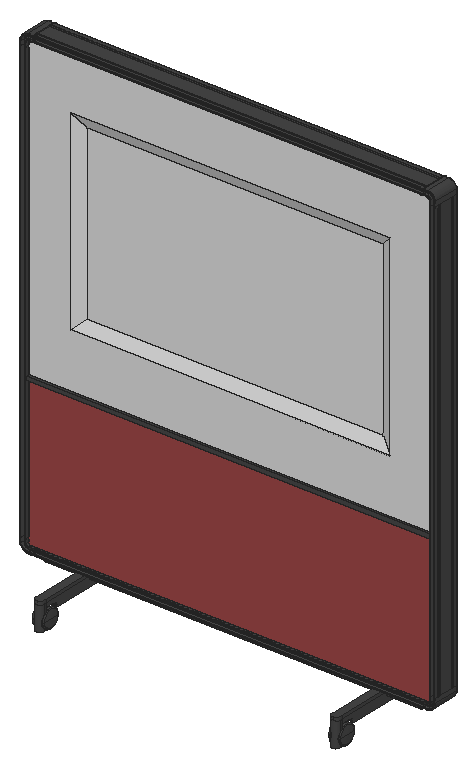
Revit family "DBLTD_TheSenatorGroup_PrvcyScrn_AdaptWall_Media_US_v2", category Furniture, Revit 2020
Family settings
  OmniClass Number = 23.40.20.00
  OmniClass Title = General Furniture and Specialties
  Work Plane-Based = No
  Always vertical = Yes
  Cut with Voids When Loaded = No
  Shared = Yes
  Room Calculation Point = No
Parameters (values of type "Media Unit Fabric Upper Panels, MFC Lower Panels 65" Wide")
  WarrantyStartDate [instance] = "1900-12-31T23:59:59"
  WarrantyGuarantorParts = "n/a"
  WarrantyGuarantorLabor = "n/a"
  WarrantyDurationUnit = "Years"
  WarrantyDurationParts = "n/a"
  WarrantyDurationLabor = "n/a"
  WarrantyDescription = "Senator warrants that its manufactured products are free from manufacturing defects - in materials or workmanship - for a period of ten (10) years on Senator Seating ranges; and fifteen (15) years on Senator Desking ranges"
  Version = "1"  # constant formula
  Uniclass2015Version = "Products v1.9"
  Uniclass2015Title = "Privacy screens"
  Uniclass2015Code = "Pr_40_30_20_65"
  URL = "https://www.thesenatorgroup.com/"
  Type Comments = ModelReference  # "Media Unit Fabric Upper Panels, MFC Lower Panels 65\" Wide"
  TagNumber [instance] = "n/a"
  SustainabilityPerformance = "n/a"
  Style = "n/a"
  Status [instance] = "New"
  Size = "L 20.87\" x  W 64.96\" x  H 77.36\""
  Shape = "Rectangular"
  SerialNumber [instance] = "n/a"
  ScreenType = DBLTD_TheSenatorGroup_OffcStrg_AdaptWall_ScreenMedia : Fabric with MFC
  ScreenPanelMaterial = TheSenatorGroup_Drywipe_White
  ScreenMaterial [instance] = TheSenatorGroup_Fabric_Grey
  Revision = "n/a"
  ReplacementCost = "0"
  Reference = "n/a"
  ProductInformation = "https://www.thesenatorgroup.com/"
  PanelMaterial [instance] = TheSenatorGroup_Wood_StrataOak
  NominalWidth = 1650 mm
  NominalLength = NominalWidth  # 1650 mm
  NominalHeight = 1965 mm
  NominalDepth = 530 mm
  Name = "PrivacyScreens_AdaptWall_Media_TheSenatorGroup"
  NBSReference = "45-35-25/320"
  NBSDescription = "Freestanding Screens"
  NBSCertification = ""
  ModelReference = "Media Unit Fabric Upper Panels, MFC Lower Panels 65\" Wide"
  ModelNumber = "AW7865MFM"
  Model = ModelNumber  # "AW7865MFM"
  Material = "MFC, Fabric"
  ManufacturerURL = "https://www.thesenatorgroup.com/"
  ManufacturerName = "The Senator Group"
  Manufacturer = "The Senator Group"
  MainColor = "n/a"
  Keynote = "Pr_40_30_20_65"
  IsBuiltIn = no
  IntegralAccessories = "n/a"
  InstallationDate [instance] = "1900-12-31T23:59:59"
  IfcExportType = "Screen"  # constant formula
  IfcExportAs = "IfcFurnitureTypeEnum"  # constant formula
  Grade = "n/a"
  FramesColour = "Black, White"
  FrameMaterial [instance] = TheSenatorGroup_Metal_Black
  Finish = "Frame available in Black or White. Fabric Camirs Blazer Range. MFC Storage available in Black, White or Strata Oak."
  Features = "Media Unit Screen"
  ExpectedLife = "n/a"
  DurationUnit = "Years"
  DimensionsPlanSize = "64.96 x 20.87"
  DimensionsHeight = "77.36"
  Description = ModelReference  # "Media Unit Fabric Upper Panels, MFC Lower Panels 65\" Wide"
  Default Elevation = 0 mm
  Cost = 0
  Constituents = "n/a"
  Color = "n/a"
  CodePerformance = "n/a"
  Category = "Pr_40_30_20_65:Privacy screens"
  BarCode [instance] = "n/a"
  Author = "Diane Butterworth Ltd"  # constant formula
  AssetType = "Movable"
  AssetIdentifier [instance] = "n/a"
  Assembly Code = "E2020200"
  AccessibilityPerformance = "n/a"
Reference planes
  plane 1 "Center (Front/Back)": y = 0
  plane 2: z = 0
  plane 3 "Center (Left/Right)": x = 0
  plane 4: z = 1965
  plane 5: x = 825
  plane 6: x = -825
Dimensions and locks
  "NominalHeight": plane 4 to plane 2
  equal spacing: plane 6, plane 3 "Center (Left/Right)", plane 5
  "NominalWidth": plane 6 to plane 5
  aligned and locked: level to plane 2
  aligned and locked: plane 3 "Center (Left/Right)" to nested 1
Nested families
  nested 1: "DBLTD_TheSenatorGroup_OffcStrg_AdaptWall_Frame" at (0, 229, 0), FrameWidth <- "NominalWidth", FrameMaterial <- "FrameMaterial", type "Frame with Castors"
    with FrameWidth 1650 mm, FrameMaterial TheSenatorGroup_Metal_Black
  nested 2: "DBLTD_TheSenatorGroup_OffcStrg_AdaptWall_ScreenMedia" at (0, 229, 0), FrameMaterial <- "FrameMaterial", PanelMaterial <- "PanelMaterial", ScreenMaterial <- "ScreenMaterial", type <- "ScreenType", FrameWidth <- "NominalWidth", type "Fabric with MFC"
    with ScreenMaterial TheSenatorGroup_Fabric_Grey, PanelMaterial TheSenatorGroup_Wood_StrataOak, FrameWidth 1650 mm, FrameMaterial TheSenatorGroup_Metal_Black
Definition of nested family "DBLTD_TheSenatorGroup_OffcStrg_AdaptWall_Frame"
  Parameters (values of type "Frame with Castors")
    URL = ""
    Type Comments = ""
    Model = ""
    Manufacturer = ""
    Keynote = ""
    FrameWidth [instance] = 1250 mm
    FrameMaterial [instance] = none
    Description = ""
    Default Elevation = 0 mm
    Cost = 0
  Reference planes
    plane 1: z = 0
    plane 2 "Center (Left/Right)": x = 0
    plane 3: y = -229
    plane 4: x = -576.25
    plane 5: x = 576.25
    plane 6: x = -625
    plane 7: x = 625
    plane 8: x = -401.881
    plane 9: x = -376.119
    plane 10: x = 401.881
    plane 11: x = 376.119
  Forms (mm)
    Extrusion 1, solid, material <- "FrameMaterial"
      sketch origin (0, 0, 0) x (1, 0, 0) y (0, 0, 1)
        loop
          line (-536.332, 87.142) -> (536.284, 87.142)
          arc (536.284, 87.142) -> (544.073, 88.158) -> (551.332, 91.161) r 30
          line (551.332, 91.161) -> (594.6, 116.142) -> (-594.6, 116.142) -> (-551.332, 91.161)
          arc (-551.332, 91.161) -> (-544.097, 88.164) -> (-536.332, 87.142) r 30
      from 198.323 to 259.677
    Extrusion 2, void
      sketch origin (0, 0, 0) x (0, 1, 0) y (0, 0, 1)
        loop
          line (-206.193, 115.454) -> (-207.677, 87.142) -> (-198.323, 87.142) -> (-198.323, 116.142) -> (-206.193, 115.454)
        loop
          line (-251.807, 115.454) -> (-259.677, 116.142) -> (-259.677, 87.142) -> (-250.323, 87.142) -> (-251.807, 115.454)
      from -802.4 to 802.4
    Extrusion 3, solid, material <- "FrameMaterial"
      sketch origin (0, 0, 75) x (-1, 0, 0) y (0, -1, 0)
        loop
          arc (405.5, 471.871) -> (389, 495.177) -> (372.5, 471.871) r 17.494
          line (372.5, 471.871) -> (372.5, -13.871)
          arc (372.5, -13.871) -> (389, -37.177) -> (405.5, -13.871) r 17.494
          line (405.5, -13.871) -> (405.5, 471.871)
      from 24.957 to 35.858
    Extrusion 4, solid, material <- "FrameMaterial"
      sketch origin (0, 0, 75) x (-1, 0, 0) y (0, -1, 0)
        loop
          circle (389, 477.683) r 17.494
      from -73 to 24.957
    Extrusion 5, solid, material <- "FrameMaterial"
      sketch origin (0, -458, 75) x (-1, 0, 0) y (0, -1, 0)
        loop
          circle (389, -477.683) r 17.494
      from -73 to 24.957
    Revolve 6, solid, material <- "FrameMaterial"
      sketch origin (0, 0, 37.5) x (-1, 0, 0) y (0, -1, 0)
        loop
          line (376.119, 489.895) -> (368.353, 489.895) -> (365.897, 485.641)
          arc (365.897, 485.641) -> (364.038, 469.064) -> (363.417, 452.395) r 224.102
          line (363.417, 452.395) -> (414.583, 452.395)
          arc (414.583, 452.395) -> (413.963, 469.064) -> (412.104, 485.641) r 224.102
          line (412.104, 485.641) -> (409.648, 489.895) -> (401.881, 489.895) -> (401.881, 462.895) -> (376.119, 462.895) -> (376.119, 489.895)
        axis (414.583, 452.395) -> (363.417, 452.395)
      angle from 0 to 360
    Extrusion 7, solid, material <- "FrameMaterial"
      sketch origin (0, 0, 0) x (0, 1, 0) y (0, 0, 1)
        loop
          line (-271.631, 1948.544) -> (-281.608, 1945.904)
          arc (-281.608, 1945.904) -> (-282.412, 1945.369) -> (-282.724, 1944.454) r 1.5
          line (-282.724, 1944.454) -> (-282.724, 1943.31)
          arc (-282.724, 1943.31) -> (-282.431, 1942.603) -> (-281.724, 1942.31) r 1
          line (-281.724, 1942.31) -> (-266.634, 1942.31)
          arc (-266.634, 1942.31) -> (-265.589, 1942.365) -> (-264.555, 1942.529) r 10
          line (-264.555, 1942.529) -> (-259.755, 1943.549)
          arc (-259.755, 1943.549) -> (-258.721, 1943.713) -> (-257.676, 1943.767) r 10
          line (-257.676, 1943.767) -> (-200.324, 1943.767)
          arc (-200.324, 1943.767) -> (-199.279, 1943.713) -> (-198.245, 1943.549) r 10
          line (-198.245, 1943.549) -> (-193.445, 1942.529)
          arc (-193.445, 1942.529) -> (-192.411, 1942.365) -> (-191.366, 1942.31) r 10
          line (-191.366, 1942.31) -> (-176.276, 1942.31)
          arc (-176.276, 1942.31) -> (-175.569, 1942.603) -> (-175.276, 1943.31) r 1
          line (-175.276, 1943.31) -> (-175.276, 1944.454)
          arc (-175.276, 1944.454) -> (-175.588, 1945.369) -> (-176.392, 1945.904) r 1.5
          line (-176.392, 1945.904) -> (-186.369, 1948.544)
          arc (-186.369, 1948.544) -> (-187.442, 1949.258) -> (-187.857, 1950.478) r 2
          line (-187.857, 1950.478) -> (-187.857, 1956.743)
          arc (-187.857, 1956.743) -> (-187.442, 1957.963) -> (-186.369, 1958.676) r 2
          line (-186.369, 1958.676) -> (-176.392, 1961.317)
          arc (-176.392, 1961.317) -> (-175.588, 1961.852) -> (-175.276, 1962.767) r 1.5
          line (-175.276, 1962.767) -> (-175.276, 1963.91)
          arc (-175.276, 1963.91) -> (-175.569, 1964.617) -> (-176.276, 1964.91) r 1
          line (-176.276, 1964.91) -> (-191.366, 1964.91)
          arc (-191.366, 1964.91) -> (-192.411, 1964.855) -> (-193.445, 1964.692) r 10
          line (-193.445, 1964.692) -> (-198.245, 1963.671)
          arc (-198.245, 1963.671) -> (-199.279, 1963.508) -> (-200.324, 1963.453) r 10
          line (-200.324, 1963.453) -> (-257.676, 1963.453)
          arc (-257.676, 1963.453) -> (-258.721, 1963.508) -> (-259.755, 1963.671) r 10
          line (-259.755, 1963.671) -> (-264.555, 1964.692)
          arc (-264.555, 1964.692) -> (-265.589, 1964.855) -> (-266.634, 1964.91) r 10
          line (-266.634, 1964.91) -> (-281.724, 1964.91)
          arc (-281.724, 1964.91) -> (-282.431, 1964.617) -> (-282.724, 1963.91) r 1
          line (-282.724, 1963.91) -> (-282.724, 1962.767)
          arc (-282.724, 1962.767) -> (-282.412, 1961.852) -> (-281.608, 1961.317) r 1.5
          line (-281.608, 1961.317) -> (-271.631, 1958.676)
          arc (-271.631, 1958.676) -> (-270.558, 1957.963) -> (-270.143, 1956.743) r 2
          line (-270.143, 1956.743) -> (-270.143, 1950.478)
          arc (-270.143, 1950.478) -> (-270.558, 1949.258) -> (-271.631, 1948.544) r 2
      from -576.25 to 576.25
    Extrusion 8, solid, material <- "FrameMaterial"
      sketch origin (0, 0, -1826.168) x (0, 1, 0) y (0, 0, 1)
        loop
          line (-271.631, 1948.544) -> (-281.608, 1945.904)
          arc (-281.608, 1945.904) -> (-282.412, 1945.369) -> (-282.724, 1944.454) r 1.5
          line (-282.724, 1944.454) -> (-282.724, 1943.31)
          arc (-282.724, 1943.31) -> (-282.431, 1942.603) -> (-281.724, 1942.31) r 1
          line (-281.724, 1942.31) -> (-266.634, 1942.31)
          arc (-266.634, 1942.31) -> (-265.589, 1942.365) -> (-264.555, 1942.529) r 10
          line (-264.555, 1942.529) -> (-259.755, 1943.549)
          arc (-259.755, 1943.549) -> (-258.721, 1943.713) -> (-257.676, 1943.767) r 10
          line (-257.676, 1943.767) -> (-200.324, 1943.767)
          arc (-200.324, 1943.767) -> (-199.279, 1943.713) -> (-198.245, 1943.549) r 10
          line (-198.245, 1943.549) -> (-193.445, 1942.529)
          arc (-193.445, 1942.529) -> (-192.411, 1942.365) -> (-191.366, 1942.31) r 10
          line (-191.366, 1942.31) -> (-176.276, 1942.31)
          arc (-176.276, 1942.31) -> (-175.569, 1942.603) -> (-175.276, 1943.31) r 1
          line (-175.276, 1943.31) -> (-175.276, 1944.454)
          arc (-175.276, 1944.454) -> (-175.588, 1945.369) -> (-176.392, 1945.904) r 1.5
          line (-176.392, 1945.904) -> (-186.369, 1948.544)
          arc (-186.369, 1948.544) -> (-187.442, 1949.258) -> (-187.857, 1950.478) r 2
          line (-187.857, 1950.478) -> (-187.857, 1956.743)
          arc (-187.857, 1956.743) -> (-187.442, 1957.963) -> (-186.369, 1958.676) r 2
          line (-186.369, 1958.676) -> (-176.392, 1961.317)
          arc (-176.392, 1961.317) -> (-175.588, 1961.852) -> (-175.276, 1962.767) r 1.5
          line (-175.276, 1962.767) -> (-175.276, 1963.91)
          arc (-175.276, 1963.91) -> (-175.569, 1964.617) -> (-176.276, 1964.91) r 1
          line (-176.276, 1964.91) -> (-191.366, 1964.91)
          arc (-191.366, 1964.91) -> (-192.411, 1964.855) -> (-193.445, 1964.692) r 10
          line (-193.445, 1964.692) -> (-198.245, 1963.671)
          arc (-198.245, 1963.671) -> (-199.279, 1963.508) -> (-200.324, 1963.453) r 10
          line (-200.324, 1963.453) -> (-257.676, 1963.453)
          arc (-257.676, 1963.453) -> (-258.721, 1963.508) -> (-259.755, 1963.671) r 10
          line (-259.755, 1963.671) -> (-264.555, 1964.692)
          arc (-264.555, 1964.692) -> (-265.589, 1964.855) -> (-266.634, 1964.91) r 10
          line (-266.634, 1964.91) -> (-281.724, 1964.91)
          arc (-281.724, 1964.91) -> (-282.431, 1964.617) -> (-282.724, 1963.91) r 1
          line (-282.724, 1963.91) -> (-282.724, 1962.767)
          arc (-282.724, 1962.767) -> (-282.412, 1961.852) -> (-281.608, 1961.317) r 1.5
          line (-281.608, 1961.317) -> (-271.631, 1958.676)
          arc (-271.631, 1958.676) -> (-270.558, 1957.963) -> (-270.143, 1956.743) r 2
          line (-270.143, 1956.743) -> (-270.143, 1950.478)
          arc (-270.143, 1950.478) -> (-270.558, 1949.258) -> (-271.631, 1948.544) r 2
      from -576.25 to 576.25
    Extrusion 9, solid, material <- "FrameMaterial"
      sketch origin (-2567.31, 0, 741.142) x (0, 1, 0) y (-1, 0, 0)
        loop
          arc (-271.631, -1948.544) -> (-270.558, -1949.258) -> (-270.143, -1950.478) r 2
          line (-270.143, -1950.478) -> (-270.143, -1956.743)
          arc (-270.143, -1956.743) -> (-270.558, -1957.963) -> (-271.631, -1958.676) r 2
          line (-271.631, -1958.676) -> (-281.608, -1961.317)
          arc (-281.608, -1961.317) -> (-282.412, -1961.852) -> (-282.724, -1962.767) r 1.5
          line (-282.724, -1962.767) -> (-282.724, -1963.91)
          arc (-282.724, -1963.91) -> (-282.431, -1964.617) -> (-281.724, -1964.91) r 1
          line (-281.724, -1964.91) -> (-266.634, -1964.91)
          arc (-266.634, -1964.91) -> (-265.589, -1964.855) -> (-264.555, -1964.692) r 10
          line (-264.555, -1964.692) -> (-259.755, -1963.671)
          arc (-259.755, -1963.671) -> (-258.721, -1963.508) -> (-257.676, -1963.453) r 10
          line (-257.676, -1963.453) -> (-200.324, -1963.453)
          arc (-200.324, -1963.453) -> (-199.279, -1963.508) -> (-198.245, -1963.671) r 10
          line (-198.245, -1963.671) -> (-193.445, -1964.692)
          arc (-193.445, -1964.692) -> (-192.411, -1964.855) -> (-191.366, -1964.91) r 10
          line (-191.366, -1964.91) -> (-176.276, -1964.91)
          arc (-176.276, -1964.91) -> (-175.569, -1964.617) -> (-175.276, -1963.91) r 1
          line (-175.276, -1963.91) -> (-175.276, -1962.767)
          arc (-175.276, -1962.767) -> (-175.588, -1961.852) -> (-176.392, -1961.317) r 1.5
          line (-176.392, -1961.317) -> (-186.369, -1958.676)
          arc (-186.369, -1958.676) -> (-187.442, -1957.963) -> (-187.857, -1956.743) r 2
          line (-187.857, -1956.743) -> (-187.857, -1950.478)
          arc (-187.857, -1950.478) -> (-187.442, -1949.258) -> (-186.369, -1948.544) r 2
          line (-186.369, -1948.544) -> (-176.392, -1945.904)
          arc (-176.392, -1945.904) -> (-175.588, -1945.369) -> (-175.276, -1944.454) r 1.5
          line (-175.276, -1944.454) -> (-175.276, -1943.31)
          arc (-175.276, -1943.31) -> (-175.569, -1942.603) -> (-176.276, -1942.31) r 1
          line (-176.276, -1942.31) -> (-191.366, -1942.31)
          arc (-191.366, -1942.31) -> (-192.411, -1942.365) -> (-193.445, -1942.529) r 10
          line (-193.445, -1942.529) -> (-198.245, -1943.549)
          arc (-198.245, -1943.549) -> (-199.279, -1943.713) -> (-200.324, -1943.767) r 10
          line (-200.324, -1943.767) -> (-257.676, -1943.767)
          arc (-257.676, -1943.767) -> (-258.721, -1943.713) -> (-259.755, -1943.549) r 10
          line (-259.755, -1943.549) -> (-264.555, -1942.529)
          arc (-264.555, -1942.529) -> (-265.589, -1942.365) -> (-266.634, -1942.31) r 10
          line (-266.634, -1942.31) -> (-281.724, -1942.31)
          arc (-281.724, -1942.31) -> (-282.431, -1942.603) -> (-282.724, -1943.31) r 1
          line (-282.724, -1943.31) -> (-282.724, -1944.454)
          arc (-282.724, -1944.454) -> (-282.412, -1945.369) -> (-281.608, -1945.904) r 1.5
          line (-281.608, -1945.904) -> (-271.631, -1948.544)
      from -576.25 to 1175.018
    Extrusion 10, solid, material <- "FrameMaterial"
      sketch origin (2567.31, 0, 741.142) x (0, 1, 0) y (-1, 0, 0)
        loop
          line (-271.631, 1948.544) -> (-281.608, 1945.904)
          arc (-281.608, 1945.904) -> (-282.412, 1945.369) -> (-282.724, 1944.454) r 1.5
          line (-282.724, 1944.454) -> (-282.724, 1943.31)
          arc (-282.724, 1943.31) -> (-282.431, 1942.603) -> (-281.724, 1942.31) r 1
          line (-281.724, 1942.31) -> (-266.634, 1942.31)
          arc (-266.634, 1942.31) -> (-265.589, 1942.365) -> (-264.555, 1942.529) r 10
          line (-264.555, 1942.529) -> (-259.755, 1943.549)
          arc (-259.755, 1943.549) -> (-258.721, 1943.713) -> (-257.676, 1943.767) r 10
          line (-257.676, 1943.767) -> (-200.324, 1943.767)
          arc (-200.324, 1943.767) -> (-199.279, 1943.713) -> (-198.245, 1943.549) r 10
          line (-198.245, 1943.549) -> (-193.445, 1942.529)
          arc (-193.445, 1942.529) -> (-192.411, 1942.365) -> (-191.366, 1942.31) r 10
          line (-191.366, 1942.31) -> (-176.276, 1942.31)
          arc (-176.276, 1942.31) -> (-175.569, 1942.603) -> (-175.276, 1943.31) r 1
          line (-175.276, 1943.31) -> (-175.276, 1944.454)
          arc (-175.276, 1944.454) -> (-175.588, 1945.369) -> (-176.392, 1945.904) r 1.5
          line (-176.392, 1945.904) -> (-186.369, 1948.544)
          arc (-186.369, 1948.544) -> (-187.442, 1949.258) -> (-187.857, 1950.478) r 2
          line (-187.857, 1950.478) -> (-187.857, 1956.743)
          arc (-187.857, 1956.743) -> (-187.442, 1957.963) -> (-186.369, 1958.676) r 2
          line (-186.369, 1958.676) -> (-176.392, 1961.317)
          arc (-176.392, 1961.317) -> (-175.588, 1961.852) -> (-175.276, 1962.767) r 1.5
          line (-175.276, 1962.767) -> (-175.276, 1963.91)
          arc (-175.276, 1963.91) -> (-175.569, 1964.617) -> (-176.276, 1964.91) r 1
          line (-176.276, 1964.91) -> (-191.366, 1964.91)
          arc (-191.366, 1964.91) -> (-192.411, 1964.855) -> (-193.445, 1964.692) r 10
          line (-193.445, 1964.692) -> (-198.245, 1963.671)
          arc (-198.245, 1963.671) -> (-199.279, 1963.508) -> (-200.324, 1963.453) r 10
          line (-200.324, 1963.453) -> (-257.676, 1963.453)
          arc (-257.676, 1963.453) -> (-258.721, 1963.508) -> (-259.755, 1963.671) r 10
          line (-259.755, 1963.671) -> (-264.555, 1964.692)
          arc (-264.555, 1964.692) -> (-265.589, 1964.855) -> (-266.634, 1964.91) r 10
          line (-266.634, 1964.91) -> (-281.724, 1964.91)
          arc (-281.724, 1964.91) -> (-282.431, 1964.617) -> (-282.724, 1963.91) r 1
          line (-282.724, 1963.91) -> (-282.724, 1962.767)
          arc (-282.724, 1962.767) -> (-282.412, 1961.852) -> (-281.608, 1961.317) r 1.5
          line (-281.608, 1961.317) -> (-271.631, 1958.676)
          arc (-271.631, 1958.676) -> (-270.558, 1957.963) -> (-270.143, 1956.743) r 2
          line (-270.143, 1956.743) -> (-270.143, 1950.478)
          arc (-270.143, 1950.478) -> (-270.558, 1949.258) -> (-271.631, 1948.544) r 2
      from -576.25 to 1175.018
    Revolve 11, solid, material <- "FrameMaterial"
      sketch origin (0, -458, 37.5) x (-1, 0, 0) y (0, -1, 0)
        loop
          line (376.119, -489.895) -> (376.119, -462.895) -> (401.881, -462.895) -> (401.881, -489.895) -> (409.648, -489.895) -> (412.104, -485.641)
          arc (412.104, -485.641) -> (413.963, -469.064) -> (414.583, -452.395) r 224.102
          line (414.583, -452.395) -> (363.417, -452.395)
          arc (363.417, -452.395) -> (364.038, -469.064) -> (365.897, -485.641) r 224.102
          line (365.897, -485.641) -> (368.353, -489.895) -> (376.119, -489.895)
        axis (414.583, -452.395) -> (363.417, -452.395)
      angle from 0 to 360
    Extrusion 12, solid, material <- "FrameMaterial"
      sketch origin (0, 0, 75) x (1, 0, 0) y (0, 1, 0)
        loop
          line (405.5, -471.871) -> (405.5, 13.871)
          arc (405.5, 13.871) -> (389, 37.177) -> (372.5, 13.871) r 17.494
          line (372.5, 13.871) -> (372.5, -471.871)
          arc (372.5, -471.871) -> (389, -495.177) -> (405.5, -471.871) r 17.494
      from 24.957 to 35.858
    Extrusion 13, solid, material <- "FrameMaterial"
      sketch origin (0, 0, 0) x (0, 1, 0) y (0, 0, -1)
        loop
          line (-41.377, -73.17) -> (-46.59, -63.366)
          arc (-46.59, -63.366) -> (-51.005, -58.714) -> (-57.185, -57) r 12
          line (-57.185, -57) -> (-400.815, -57)
          arc (-400.815, -57) -> (-406.995, -58.714) -> (-411.41, -63.366) r 12
          line (-411.41, -63.366) -> (-416.623, -73.17)
          arc (-416.623, -73.17) -> (-421.038, -77.822) -> (-427.218, -79.536) r 12
          line (-427.218, -79.536) -> (-471.871, -79.536) -> (-471.871, -99.957) -> (-250.995, -99.957) -> (-250.323, -87.142) -> (-207.677, -87.142) -> (-207.005, -99.957) -> (13.871, -99.957) -> (13.871, -79.536) -> (-30.782, -79.536)
          arc (-30.782, -79.536) -> (-36.962, -77.822) -> (-41.377, -73.17) r 12
      from -401.881 to -376.119
    Extrusion 14, solid, material <- "FrameMaterial"
      sketch origin (0, 0, 75) x (1, 0, 0) y (0, 1, 0)
        loop
          circle (389, -477.683) r 17.494
      from -73 to 24.957
    Extrusion 15, solid, material <- "FrameMaterial"
      sketch origin (0, -458, 75) x (1, 0, 0) y (0, 1, 0)
        loop
          circle (389, 477.683) r 17.494
      from -73 to 24.957
    Revolve 16, solid, material <- "FrameMaterial"
      sketch origin (0, 0, 37.5) x (1, 0, 0) y (0, 1, 0)
        loop
          line (376.119, -489.895) -> (376.119, -462.895) -> (401.881, -462.895) -> (401.881, -489.895) -> (409.648, -489.895) -> (412.104, -485.641)
          arc (412.104, -485.641) -> (413.963, -469.064) -> (414.583, -452.395) r 224.102
          line (414.583, -452.395) -> (363.417, -452.395)
          arc (363.417, -452.395) -> (364.038, -469.064) -> (365.897, -485.641) r 224.102
          line (365.897, -485.641) -> (368.353, -489.895) -> (376.119, -489.895)
        axis (414.583, -452.395) -> (363.417, -452.395)
      angle from 0 to 360
    Revolve 17, solid, material <- "FrameMaterial"
      sketch origin (0, -458, 37.5) x (1, 0, 0) y (0, 1, 0)
        loop
          line (376.119, 489.895) -> (368.353, 489.895) -> (365.897, 485.641)
          arc (365.897, 485.641) -> (364.038, 469.064) -> (363.417, 452.395) r 224.102
          line (363.417, 452.395) -> (414.583, 452.395)
          arc (414.583, 452.395) -> (413.963, 469.064) -> (412.104, 485.641) r 224.102
          line (412.104, 485.641) -> (409.648, 489.895) -> (401.881, 489.895) -> (401.881, 462.895) -> (376.119, 462.895) -> (376.119, 489.895)
        axis (414.583, 452.395) -> (363.417, 452.395)
      angle from 0 to 360
    Extrusion 18, solid, material <- "FrameMaterial"
      sketch origin (0, 0, 0) x (0, 1, 0) y (0, 0, 1)
        loop
          arc (-41.377, 73.17) -> (-36.962, 77.822) -> (-30.782, 79.536) r 12
          line (-30.782, 79.536) -> (13.871, 79.536) -> (13.871, 99.957) -> (-207.005, 99.957) -> (-207.677, 87.142) -> (-250.323, 87.142) -> (-250.995, 99.957) -> (-471.871, 99.957) -> (-471.871, 79.536) -> (-427.218, 79.536)
          arc (-427.218, 79.536) -> (-421.038, 77.822) -> (-416.623, 73.17) r 12
          line (-416.623, 73.17) -> (-411.41, 63.366)
          arc (-411.41, 63.366) -> (-406.995, 58.714) -> (-400.815, 57) r 12
          line (-400.815, 57) -> (-57.185, 57)
          arc (-57.185, 57) -> (-51.005, 58.714) -> (-46.59, 63.366) r 12
          line (-46.59, 63.366) -> (-41.377, 73.17)
      from -401.881 to -376.119
    Sweep 19, solid, material <- "FrameMaterial"
      path origin (0, 0, 0) x (1, 0, 0) y (0, 0, 1)
        loop
          line (-625, 164.892) -> (-625, 146.142)
          arc (-625, 146.142) -> (-616.213, 124.929) -> (-595, 116.142) r 30
          line (-595, 116.142) -> (-576.25, 116.142)
      profile origin (-625, 0, 155.517) x (0, -1, 0) y (1, 0, 0)
        loop
          arc (281.724, 0) -> (282.431, 0.293) -> (282.724, 1) r 1
          line (282.724, 1) -> (282.724, 2.143)
          arc (282.724, 2.143) -> (282.412, 3.058) -> (281.608, 3.594) r 1.5
          line (281.608, 3.594) -> (271.631, 6.234)
          arc (271.631, 6.234) -> (270.558, 6.948) -> (270.143, 8.168) r 2
          line (270.143, 8.168) -> (270.143, 14.432)
          arc (270.143, 14.432) -> (270.558, 15.652) -> (271.631, 16.366) r 2
          line (271.631, 16.366) -> (281.608, 19.006)
          arc (281.608, 19.006) -> (282.412, 19.542) -> (282.724, 20.457) r 1.5
          line (282.724, 20.457) -> (282.724, 21.6)
          arc (282.724, 21.6) -> (282.431, 22.307) -> (281.724, 22.6) r 1
          line (281.724, 22.6) -> (266.634, 22.6)
          arc (266.634, 22.6) -> (265.589, 22.545) -> (264.555, 22.381) r 10
          line (264.555, 22.381) -> (259.755, 21.361)
          arc (259.755, 21.361) -> (258.721, 21.197) -> (257.676, 21.143) r 10
          line (257.676, 21.143) -> (200.324, 21.143)
          arc (200.324, 21.143) -> (199.279, 21.197) -> (198.245, 21.361) r 10
          line (198.245, 21.361) -> (193.445, 22.381)
          arc (193.445, 22.381) -> (192.411, 22.545) -> (191.366, 22.6) r 10
          line (191.366, 22.6) -> (176.276, 22.6)
          arc (176.276, 22.6) -> (175.569, 22.307) -> (175.276, 21.6) r 1
          line (175.276, 21.6) -> (175.276, 20.457)
          arc (175.276, 20.457) -> (175.588, 19.542) -> (176.392, 19.006) r 1.5
          line (176.392, 19.006) -> (186.369, 16.366)
          arc (186.369, 16.366) -> (187.442, 15.652) -> (187.857, 14.432) r 2
          line (187.857, 14.432) -> (187.857, 8.168)
          arc (187.857, 8.168) -> (187.442, 6.948) -> (186.369, 6.234) r 2
          line (186.369, 6.234) -> (176.392, 3.594)
          arc (176.392, 3.594) -> (175.588, 3.058) -> (175.276, 2.143) r 1.5
          line (175.276, 2.143) -> (175.276, 1)
          arc (175.276, 1) -> (175.569, 0.293) -> (176.276, 0) r 1
          line (176.276, 0) -> (281.724, 0)
    Sweep 20, solid, material <- "FrameMaterial"
      path origin (0, 0, 0) x (-1, 0, 0) y (0, 0, -1)
        loop
          line (-625, -164.892) -> (-625, -146.142)
          arc (-625, -146.142) -> (-616.213, -124.929) -> (-595, -116.142) r 30
          line (-595, -116.142) -> (-576.25, -116.142)
      profile origin (625, 0, 155.517) x (0, -1, 0) y (1, 0, 0)
        loop
          line (281.724, 0) -> (176.276, 0)
          arc (176.276, 0) -> (175.569, -0.293) -> (175.276, -1) r 1
          line (175.276, -1) -> (175.276, -2.143)
          arc (175.276, -2.143) -> (175.588, -3.058) -> (176.392, -3.594) r 1.5
          line (176.392, -3.594) -> (186.369, -6.234)
          arc (186.369, -6.234) -> (187.442, -6.948) -> (187.857, -8.168) r 2
          line (187.857, -8.168) -> (187.857, -14.432)
          arc (187.857, -14.432) -> (187.442, -15.652) -> (186.369, -16.366) r 2
          line (186.369, -16.366) -> (176.392, -19.006)
          arc (176.392, -19.006) -> (175.588, -19.542) -> (175.276, -20.457) r 1.5
          line (175.276, -20.457) -> (175.276, -21.6)
          arc (175.276, -21.6) -> (175.569, -22.307) -> (176.276, -22.6) r 1
          line (176.276, -22.6) -> (191.366, -22.6)
          arc (191.366, -22.6) -> (192.411, -22.545) -> (193.445, -22.381) r 10
          line (193.445, -22.381) -> (198.245, -21.361)
          arc (198.245, -21.361) -> (199.279, -21.197) -> (200.324, -21.143) r 10
          line (200.324, -21.143) -> (257.676, -21.143)
          arc (257.676, -21.143) -> (258.721, -21.197) -> (259.755, -21.361) r 10
          line (259.755, -21.361) -> (264.555, -22.381)
          arc (264.555, -22.381) -> (265.589, -22.545) -> (266.634, -22.6) r 10
          line (266.634, -22.6) -> (281.724, -22.6)
          arc (281.724, -22.6) -> (282.431, -22.307) -> (282.724, -21.6) r 1
          line (282.724, -21.6) -> (282.724, -20.457)
          arc (282.724, -20.457) -> (282.412, -19.542) -> (281.608, -19.006) r 1.5
          line (281.608, -19.006) -> (271.631, -16.366)
          arc (271.631, -16.366) -> (270.558, -15.652) -> (270.143, -14.432) r 2
          line (270.143, -14.432) -> (270.143, -8.168)
          arc (270.143, -8.168) -> (270.558, -6.948) -> (271.631, -6.234) r 2
          line (271.631, -6.234) -> (281.608, -3.594)
          arc (281.608, -3.594) -> (282.412, -3.058) -> (282.724, -2.143) r 1.5
          line (282.724, -2.143) -> (282.724, -1)
          arc (282.724, -1) -> (282.431, -0.293) -> (281.724, 0) r 1
    Sweep 21, solid, material <- "FrameMaterial"
      path origin (0, 0, 2081.052) x (1, 0, 0) y (0, 0, 1)
        loop
          line (-625, -164.892) -> (-625, -146.142)
          arc (-625, -146.142) -> (-616.213, -124.929) -> (-595, -116.142) r 30
          line (-595, -116.142) -> (-576.25, -116.142)
      profile origin (-625, 0, 1925.535) x (-1, 0, 0) y (0, -1, 0)
        loop
          arc (0, 281.724) -> (-0.293, 282.431) -> (-1, 282.724) r 1
          line (-1, 282.724) -> (-2.143, 282.724)
          arc (-2.143, 282.724) -> (-3.058, 282.412) -> (-3.594, 281.608) r 1.5
          line (-3.594, 281.608) -> (-6.234, 271.631)
          arc (-6.234, 271.631) -> (-6.948, 270.558) -> (-8.168, 270.143) r 2
          line (-8.168, 270.143) -> (-14.432, 270.143)
          arc (-14.432, 270.143) -> (-15.652, 270.558) -> (-16.366, 271.631) r 2
          line (-16.366, 271.631) -> (-19.006, 281.608)
          arc (-19.006, 281.608) -> (-19.542, 282.412) -> (-20.457, 282.724) r 1.5
          line (-20.457, 282.724) -> (-21.6, 282.724)
          arc (-21.6, 282.724) -> (-22.307, 282.431) -> (-22.6, 281.724) r 1
          line (-22.6, 281.724) -> (-22.6, 266.634)
          arc (-22.6, 266.634) -> (-22.545, 265.589) -> (-22.381, 264.555) r 10
          line (-22.381, 264.555) -> (-21.361, 259.755)
          arc (-21.361, 259.755) -> (-21.197, 258.721) -> (-21.143, 257.676) r 10
          line (-21.143, 257.676) -> (-21.143, 200.324)
          arc (-21.143, 200.324) -> (-21.197, 199.279) -> (-21.361, 198.245) r 10
          line (-21.361, 198.245) -> (-22.381, 193.445)
          arc (-22.381, 193.445) -> (-22.545, 192.411) -> (-22.6, 191.366) r 10
          line (-22.6, 191.366) -> (-22.6, 176.276)
          arc (-22.6, 176.276) -> (-22.307, 175.569) -> (-21.6, 175.276) r 1
          line (-21.6, 175.276) -> (-20.457, 175.276)
          arc (-20.457, 175.276) -> (-19.542, 175.588) -> (-19.006, 176.392) r 1.5
          line (-19.006, 176.392) -> (-16.366, 186.369)
          arc (-16.366, 186.369) -> (-15.652, 187.442) -> (-14.432, 187.857) r 2
          line (-14.432, 187.857) -> (-8.168, 187.857)
          arc (-8.168, 187.857) -> (-6.948, 187.442) -> (-6.234, 186.369) r 2
          line (-6.234, 186.369) -> (-3.594, 176.392)
          arc (-3.594, 176.392) -> (-3.058, 175.588) -> (-2.143, 175.276) r 1.5
          line (-2.143, 175.276) -> (-1, 175.276)
          arc (-1, 175.276) -> (-0.293, 175.569) -> (0, 176.276) r 1
          line (0, 176.276) -> (0, 281.724)
    Sweep 22, solid, material <- "FrameMaterial"
      path origin (0, 0, 2081.052) x (-1, 0, 0) y (0, 0, -1)
        loop
          line (-625, 164.892) -> (-625, 146.142)
          arc (-625, 146.142) -> (-616.213, 124.929) -> (-595, 116.142) r 30
          line (-595, 116.142) -> (-576.25, 116.142)
      profile origin (625, 0, 1925.535) x (-1, 0, 0) y (0, -1, 0)
        loop
          line (0, 281.724) -> (0, 176.276)
          arc (0, 176.276) -> (0.293, 175.569) -> (1, 175.276) r 1
          line (1, 175.276) -> (2.143, 175.276)
          arc (2.143, 175.276) -> (3.058, 175.588) -> (3.594, 176.392) r 1.5
          line (3.594, 176.392) -> (6.234, 186.369)
          arc (6.234, 186.369) -> (6.948, 187.442) -> (8.168, 187.857) r 2
          line (8.168, 187.857) -> (14.432, 187.857)
          arc (14.432, 187.857) -> (15.652, 187.442) -> (16.366, 186.369) r 2
          line (16.366, 186.369) -> (19.006, 176.392)
          arc (19.006, 176.392) -> (19.542, 175.588) -> (20.457, 175.276) r 1.5
          line (20.457, 175.276) -> (21.6, 175.276)
          arc (21.6, 175.276) -> (22.307, 175.569) -> (22.6, 176.276) r 1
          line (22.6, 176.276) -> (22.6, 191.366)
          arc (22.6, 191.366) -> (22.545, 192.411) -> (22.381, 193.445) r 10
          line (22.381, 193.445) -> (21.361, 198.245)
          arc (21.361, 198.245) -> (21.197, 199.279) -> (21.143, 200.324) r 10
          line (21.143, 200.324) -> (21.143, 257.676)
          arc (21.143, 257.676) -> (21.197, 258.721) -> (21.361, 259.755) r 10
          line (21.361, 259.755) -> (22.381, 264.555)
          arc (22.381, 264.555) -> (22.545, 265.589) -> (22.6, 266.634) r 10
          line (22.6, 266.634) -> (22.6, 281.724)
          arc (22.6, 281.724) -> (22.307, 282.431) -> (21.6, 282.724) r 1
          line (21.6, 282.724) -> (20.457, 282.724)
          arc (20.457, 282.724) -> (19.542, 282.412) -> (19.006, 281.608) r 1.5
          line (19.006, 281.608) -> (16.366, 271.631)
          arc (16.366, 271.631) -> (15.652, 270.558) -> (14.432, 270.143) r 2
          line (14.432, 270.143) -> (8.168, 270.143)
          arc (8.168, 270.143) -> (6.948, 270.558) -> (6.234, 271.631) r 2
          line (6.234, 271.631) -> (3.594, 281.608)
          arc (3.594, 281.608) -> (3.058, 282.412) -> (2.143, 282.724) r 1.5
          line (2.143, 282.724) -> (1, 282.724)
          arc (1, 282.724) -> (0.293, 282.431) -> (0, 281.724) r 1
  Cuts and joins
    Extrusion 2 cuts Extrusion 1
  Dimensions and locks
    equal spacing: plane 6, plane 2 "Center (Left/Right)", plane 7
    "FrameWidth": plane 6 to plane 7
    locked: plane 6 to plane 4 at 48.75
    locked: plane 7 to plane 5 at 48.75
    locked: plane 9 to plane 8 at 25.762
    locked: plane 8 to plane 4 at 174.369
    locked: plane 11 to plane 10 at 25.762
    locked: plane 10 to plane 5 at 174.369
    aligned and locked: level to plane 1
    aligned and locked: plane 4 to Extrusion 8
    aligned and locked: plane 5 to Extrusion 8
    aligned and locked: plane 4 to Extrusion 7
    aligned and locked: plane 5 to Extrusion 7
    aligned and locked: Extrusion 18 to plane 8
    aligned and locked: plane 9 to Extrusion 18
    aligned and locked: Extrusion 13 to plane 11
    aligned and locked: Extrusion 13 to plane 10
    aligned and locked: plane 6 to Sweep 19 sketch curve
    aligned and locked: plane 4 to Sweep 19 sketch curve
  Automatic sketch dimensions
    plane 4 to Extrusion 1 sketch curve = 18.35 mm
    Extrusion 1 sketch curve to plane 4 = 24.918 mm
    Extrusion 1 sketch curve to Extrusion 1 sketch curve = 15 mm  (x2)
    Extrusion 1 sketch curve to plane 5 = 39.966 mm
    Extrusion 1 sketch curve to Extrusion 1 sketch curve = 0.048 mm
    Extrusion 1 sketch curve to Extrusion 1 sketch curve = 15.048 mm
    plane 5 to Extrusion 1 sketch curve = 18.35 mm
    level to Extrusion 1 sketch curve = 87.142 mm  (x2)
    Extrusion 1 sketch curve to Extrusion 1 sketch curve = 4.019 mm  (x2)
    Extrusion 1 sketch curve to Extrusion 1 sketch curve = 24.981 mm
    Extrusion 2 sketch curve to plane 3 = 30.677 mm
    Extrusion 2 sketch curve to Extrusion 2 sketch curve = 7.87 mm
    Extrusion 2 sketch curve to Extrusion 2 sketch curve = 9.354 mm  (x2)
    plane 3 to Extrusion 2 sketch curve = 21.323 mm
    plane 3 to Extrusion 2 sketch curve = 22.807 mm
    level to Extrusion 2 sketch curve = 87.142 mm
    Extrusion 2 sketch curve to Extrusion 2 sketch curve = 0 mm
    Extrusion 2 sketch curve to Extrusion 2 sketch curve = 28.312 mm  (x2)
    Extrusion 2 sketch curve to Extrusion 2 sketch curve = 0.689 mm  (x2)
    plane 9 to Extrusion 3 sketch curve = 3.619 mm
    Extrusion 3 sketch curve to plane 9 = 12.881 mm  (x2)
    Extrusion 3 sketch curve to plane 8 = 3.619 mm
    plane 3 to Extrusion 3 sketch curve = 248.683 mm
    Extrusion 3 sketch curve to Extrusion 3 sketch curve = 5.812 mm  (x2)
    Extrusion 3 sketch curve to plane 3 = 242.871 mm
    Extrusion 4 sketch curve to plane 9 = 12.881 mm
    Extrusion 4 sketch curve to plane 3 = 248.683 mm
    Extrusion 5 sketch curve to plane 9 = 12.881 mm
    plane 3 to Extrusion 5 sketch curve = 248.683 mm
    Revolve 6 sketch curve to plane 9 = 0 mm
    plane 9 to Revolve 6 sketch curve = 7.766 mm
    Revolve 6 sketch curve to Revolve 6 sketch curve = 2.456 mm  (x2)
    plane 9 to Revolve 6 sketch curve = 12.702 mm
    Revolve 6 sketch curve to Revolve 6 sketch curve = 172.936 mm
    plane 8 to Revolve 6 sketch curve = 0 mm
    Revolve 6 sketch curve to plane 8 = 7.766 mm
    Revolve 6 sketch curve to plane 8 = 12.702 mm
    plane 4 to Revolve 6 sketch curve = 11.269 mm
    Revolve 6 sketch curve to plane 3 = 223.395 mm
    Revolve 6 sketch curve to Revolve 6 sketch curve = 10.5 mm
    Revolve 6 sketch curve to Revolve 6 sketch curve = 4.254 mm  (x2)
    Revolve 6 sketch curve to Revolve 6 sketch curve = 10.185 mm
    Revolve 6 sketch curve to Revolve 6 sketch curve = 25 mm
    Revolve 6 sketch curve to Revolve 6 sketch curve = 0 mm
    Extrusion 7 sketch curve to plane 3 = 53.724 mm
    Extrusion 7 sketch curve to Extrusion 7 sketch curve = 0 mm  (x5)
    Extrusion 7 sketch curve to Extrusion 7 sketch curve = 1 mm  (x3)
    Extrusion 7 sketch curve to Extrusion 7 sketch curve = 1.116 mm  (x2)
    Extrusion 7 sketch curve to Extrusion 7 sketch curve = 0.5 mm  (x4)
    Extrusion 7 sketch curve to Extrusion 7 sketch curve = 9.465 mm
    Extrusion 7 sketch curve to Extrusion 7 sketch curve = 0.512 mm  (x2)
    Extrusion 7 sketch curve to Extrusion 7 sketch curve = 2 mm  (x3)
    Extrusion 7 sketch curve to Extrusion 7 sketch curve = 4.997 mm
    Extrusion 7 sketch curve to Extrusion 7 sketch curve = 2.079 mm  (x8)
    Extrusion 7 sketch curve to Extrusion 7 sketch curve = 4.8 mm  (x4)
    plane 3 to Extrusion 7 sketch curve = 28.676 mm
    Extrusion 7 sketch curve to Extrusion 7 sketch curve = 3.509 mm
    Extrusion 7 sketch curve to Extrusion 7 sketch curve = 1.488 mm  (x2)
    Extrusion 7 sketch curve to Extrusion 7 sketch curve = 9.593 mm  (x2)
    Extrusion 7 sketch curve to Extrusion 7 sketch curve = 0.384 mm  (x2)
    Extrusion 7 sketch curve to Extrusion 7 sketch curve = 1.5 mm
    level to Extrusion 7 sketch curve = 1933.767 mm
    Extrusion 7 sketch curve to Extrusion 7 sketch curve = 8.543 mm  (x3)
    Extrusion 7 sketch curve to Extrusion 7 sketch curve = 0.219 mm  (x4)
    Extrusion 7 sketch curve to Extrusion 7 sketch curve = 1.02 mm
    Extrusion 7 sketch curve to Extrusion 7 sketch curve = 1.143 mm  (x4)
    Extrusion 7 sketch curve to Extrusion 7 sketch curve = 3.766 mm  (x2)
    Extrusion 7 sketch curve to Extrusion 7 sketch curve = 2.6 mm  (x2)
    Extrusion 7 sketch curve to Extrusion 7 sketch curve = 1.832 mm  (x2)
    Extrusion 7 sketch curve to Extrusion 7 sketch curve = 2.641 mm  (x2)
    Extrusion 8 sketch curve to plane 3 = 53.724 mm
    Extrusion 8 sketch curve to Extrusion 8 sketch curve = 0 mm  (x5)
    Extrusion 8 sketch curve to Extrusion 8 sketch curve = 1 mm  (x3)
    Extrusion 8 sketch curve to Extrusion 8 sketch curve = 1.116 mm  (x2)
    Extrusion 8 sketch curve to Extrusion 8 sketch curve = 0.5 mm  (x4)
    Extrusion 8 sketch curve to Extrusion 8 sketch curve = 9.465 mm
    Extrusion 8 sketch curve to Extrusion 8 sketch curve = 0.512 mm  (x2)
    Extrusion 8 sketch curve to Extrusion 8 sketch curve = 2 mm  (x3)
    Extrusion 8 sketch curve to Extrusion 8 sketch curve = 4.997 mm
    Extrusion 8 sketch curve to Extrusion 8 sketch curve = 2.079 mm  (x8)
    Extrusion 8 sketch curve to Extrusion 8 sketch curve = 4.8 mm  (x4)
    plane 3 to Extrusion 8 sketch curve = 28.676 mm
    Extrusion 8 sketch curve to Extrusion 8 sketch curve = 3.509 mm
    Extrusion 8 sketch curve to Extrusion 8 sketch curve = 1.488 mm  (x2)
    Extrusion 8 sketch curve to Extrusion 8 sketch curve = 9.593 mm  (x2)
    Extrusion 8 sketch curve to Extrusion 8 sketch curve = 0.384 mm  (x2)
    Extrusion 8 sketch curve to Extrusion 8 sketch curve = 1.5 mm
    level to Extrusion 8 sketch curve = 107.599 mm
    Extrusion 8 sketch curve to Extrusion 8 sketch curve = 8.543 mm  (x3)
    Extrusion 8 sketch curve to Extrusion 8 sketch curve = 0.219 mm  (x4)
    Extrusion 8 sketch curve to Extrusion 8 sketch curve = 1.02 mm
    Extrusion 8 sketch curve to Extrusion 8 sketch curve = 1.143 mm  (x4)
    Extrusion 8 sketch curve to Extrusion 8 sketch curve = 3.766 mm  (x2)
    Extrusion 8 sketch curve to Extrusion 8 sketch curve = 2.6 mm  (x2)
    Extrusion 8 sketch curve to Extrusion 8 sketch curve = 1.832 mm  (x2)
    Extrusion 8 sketch curve to Extrusion 8 sketch curve = 2.641 mm  (x2)
    Extrusion 9 sketch curve to plane 6 = 0 mm  (x2)
    Extrusion 9 sketch curve to plane 3 = 53.724 mm
    Extrusion 9 sketch curve to plane 6 = 2.143 mm  (x2)
    Extrusion 9 sketch curve to Extrusion 9 sketch curve = 0 mm  (x4)
    Extrusion 9 sketch curve to Extrusion 9 sketch curve = 1 mm  (x3)
    Extrusion 9 sketch curve to plane 6 = 3.594 mm  (x2)
    Extrusion 9 sketch curve to Extrusion 9 sketch curve = 1.116 mm  (x2)
    Extrusion 9 sketch curve to plane 6 = 19.006 mm  (x2)
    Extrusion 9 sketch curve to Extrusion 9 sketch curve = 0.5 mm  (x2)
    Extrusion 9 sketch curve to Extrusion 9 sketch curve = 9.465 mm
    Extrusion 9 sketch curve to plane 6 = 16.366 mm  (x2)
    Extrusion 9 sketch curve to Extrusion 9 sketch curve = 0.512 mm  (x4)
    Extrusion 9 sketch curve to plane 6 = 6.234 mm  (x2)
    Extrusion 9 sketch curve to Extrusion 9 sketch curve = 2 mm
    Extrusion 9 sketch curve to Extrusion 9 sketch curve = 4.997 mm
    Extrusion 9 sketch curve to plane 6 = 22.381 mm
    Extrusion 9 sketch curve to Extrusion 9 sketch curve = 2.079 mm  (x8)
    Extrusion 9 sketch curve to plane 6 = 0.219 mm  (x2)
    Extrusion 9 sketch curve to plane 6 = 1.239 mm  (x2)
    Extrusion 9 sketch curve to Extrusion 9 sketch curve = 4.8 mm  (x4)
    Extrusion 9 sketch curve to plane 6 = 1.457 mm
    plane 3 to Extrusion 9 sketch curve = 28.676 mm
    Extrusion 9 sketch curve to Extrusion 9 sketch curve = 3.509 mm
    Extrusion 9 sketch curve to Extrusion 9 sketch curve = 1.488 mm  (x2)
    Extrusion 9 sketch curve to Extrusion 9 sketch curve = 9.593 mm  (x2)
    Extrusion 9 sketch curve to Extrusion 9 sketch curve = 0.384 mm  (x2)
    Extrusion 9 sketch curve to Extrusion 9 sketch curve = 1.5 mm
    Extrusion 9 sketch curve to Extrusion 9 sketch curve = 0.219 mm  (x2)
    Extrusion 9 sketch curve to Extrusion 9 sketch curve = 6.234 mm
    Extrusion 9 sketch curve to Extrusion 9 sketch curve = 8.543 mm
    Extrusion 9 sketch curve to Extrusion 9 sketch curve = 8.761 mm
    Extrusion 9 sketch curve to Extrusion 9 sketch curve = 1.02 mm
    Extrusion 10 sketch curve to plane 7 = 0 mm  (x2)
    Extrusion 10 sketch curve to plane 3 = 53.724 mm
    Extrusion 10 sketch curve to plane 7 = 2.143 mm  (x2)
    Extrusion 10 sketch curve to Extrusion 10 sketch curve = 0 mm  (x4)
    Extrusion 10 sketch curve to Extrusion 10 sketch curve = 1 mm  (x3)
    Extrusion 10 sketch curve to plane 7 = 3.594 mm  (x2)
    Extrusion 10 sketch curve to Extrusion 10 sketch curve = 1.116 mm  (x2)
    Extrusion 10 sketch curve to plane 7 = 19.006 mm  (x2)
    Extrusion 10 sketch curve to Extrusion 10 sketch curve = 0.5 mm  (x2)
    Extrusion 10 sketch curve to Extrusion 10 sketch curve = 9.465 mm
    Extrusion 10 sketch curve to plane 7 = 16.366 mm  (x2)
    Extrusion 10 sketch curve to Extrusion 10 sketch curve = 0.512 mm  (x4)
    Extrusion 10 sketch curve to plane 7 = 6.234 mm  (x2)
    Extrusion 10 sketch curve to Extrusion 10 sketch curve = 2 mm
    Extrusion 10 sketch curve to Extrusion 10 sketch curve = 4.997 mm
    Extrusion 10 sketch curve to plane 7 = 22.381 mm
    Extrusion 10 sketch curve to Extrusion 10 sketch curve = 2.079 mm  (x8)
    Extrusion 10 sketch curve to plane 7 = 0.219 mm  (x2)
    Extrusion 10 sketch curve to plane 7 = 1.239 mm  (x2)
    Extrusion 10 sketch curve to Extrusion 10 sketch curve = 4.8 mm  (x4)
    Extrusion 10 sketch curve to plane 7 = 1.457 mm
    plane 3 to Extrusion 10 sketch curve = 28.676 mm
    Extrusion 10 sketch curve to Extrusion 10 sketch curve = 3.509 mm
    Extrusion 10 sketch curve to Extrusion 10 sketch curve = 1.488 mm  (x2)
    Extrusion 10 sketch curve to Extrusion 10 sketch curve = 9.593 mm  (x2)
    Extrusion 10 sketch curve to Extrusion 10 sketch curve = 0.384 mm  (x2)
    Extrusion 10 sketch curve to Extrusion 10 sketch curve = 1.5 mm
    Extrusion 10 sketch curve to Extrusion 10 sketch curve = 2.6 mm  (x2)
    Extrusion 10 sketch curve to Extrusion 10 sketch curve = 1.239 mm
    Extrusion 10 sketch curve to Extrusion 10 sketch curve = 0.219 mm  (x2)
    Extrusion 10 sketch curve to Extrusion 10 sketch curve = 1.143 mm
    Revolve 11 sketch curve to plane 9 = 0 mm
    Revolve 11 sketch curve to Revolve 11 sketch curve = 7.766 mm
    Revolve 11 sketch curve to Revolve 11 sketch curve = 2.456 mm  (x2)
    plane 9 to Revolve 11 sketch curve = 12.702 mm
    Revolve 11 sketch curve to Revolve 11 sketch curve = 172.936 mm
    plane 8 to Revolve 11 sketch curve = 0 mm
    Revolve 11 sketch curve to plane 8 = 7.766 mm
    Revolve 11 sketch curve to plane 8 = 12.702 mm
    plane 4 to Revolve 11 sketch curve = 11.269 mm
    plane 3 to Revolve 11 sketch curve = 260.895 mm
    Revolve 11 sketch curve to Revolve 11 sketch curve = 0 mm  (x2)
    Revolve 11 sketch curve to Revolve 11 sketch curve = 4.254 mm
    Revolve 11 sketch curve to Revolve 11 sketch curve = 10.5 mm
    Revolve 11 sketch curve to Revolve 11 sketch curve = 10.185 mm
    Revolve 11 sketch curve to Revolve 11 sketch curve = 25 mm
    plane 11 to Extrusion 12 sketch curve = 3.619 mm
    Extrusion 12 sketch curve to plane 11 = 12.881 mm  (x2)
    Extrusion 12 sketch curve to plane 10 = 3.619 mm
    Extrusion 12 sketch curve to plane 3 = 248.683 mm
    Extrusion 12 sketch curve to Extrusion 12 sketch curve = 5.812 mm  (x2)
    plane 3 to Extrusion 12 sketch curve = 242.871 mm
    level to Extrusion 13 sketch curve = 79.536 mm
    Extrusion 13 sketch curve to plane 3 = 242.871 mm
    Extrusion 13 sketch curve to Extrusion 13 sketch curve = 44.652 mm  (x2)
    level to Extrusion 13 sketch curve = 73.17 mm  (x2)
    Extrusion 13 sketch curve to Extrusion 13 sketch curve = 10.595 mm  (x4)
    level to Extrusion 13 sketch curve = 63.366 mm  (x2)
    Extrusion 13 sketch curve to Extrusion 13 sketch curve = 5.213 mm  (x2)
    Extrusion 13 sketch curve to plane 3 = 21.995 mm
    Extrusion 13 sketch curve to Extrusion 13 sketch curve = 0.672 mm  (x2)
    plane 3 to Extrusion 13 sketch curve = 21.323 mm
    Extrusion 13 sketch curve to Extrusion 13 sketch curve = 150.492 mm
    Extrusion 13 sketch curve to Extrusion 13 sketch curve = 6.366 mm
    level to Extrusion 13 sketch curve = 87.142 mm
    Extrusion 13 sketch curve to Extrusion 13 sketch curve = 12.815 mm  (x2)
    Extrusion 13 sketch curve to Extrusion 13 sketch curve = 5.634 mm
    Extrusion 14 sketch curve to plane 11 = 12.881 mm
    Extrusion 14 sketch curve to plane 3 = 248.683 mm
    Extrusion 15 sketch curve to plane 11 = 12.881 mm
    plane 3 to Extrusion 15 sketch curve = 248.683 mm
    Revolve 16 sketch curve to plane 11 = 0 mm
    Revolve 16 sketch curve to Revolve 16 sketch curve = 7.766 mm
    Revolve 16 sketch curve to Revolve 16 sketch curve = 2.456 mm  (x2)
    plane 11 to Revolve 16 sketch curve = 12.702 mm
    Revolve 16 sketch curve to Revolve 16 sketch curve = 172.936 mm
    plane 10 to Revolve 16 sketch curve = 0 mm
    Revolve 16 sketch curve to plane 10 = 7.766 mm
    Revolve 16 sketch curve to plane 10 = 12.702 mm
    plane 5 to Revolve 16 sketch curve = 11.269 mm
    Revolve 16 sketch curve to plane 3 = 260.895 mm
    Revolve 16 sketch curve to Revolve 16 sketch curve = 0 mm  (x2)
    Revolve 16 sketch curve to Revolve 16 sketch curve = 4.254 mm
    Revolve 16 sketch curve to Revolve 16 sketch curve = 10.5 mm
    Revolve 16 sketch curve to Revolve 16 sketch curve = 10.185 mm
    Revolve 16 sketch curve to Revolve 16 sketch curve = 25 mm
    Revolve 17 sketch curve to plane 11 = 0 mm
    plane 11 to Revolve 17 sketch curve = 7.766 mm
    Revolve 17 sketch curve to Revolve 17 sketch curve = 2.456 mm  (x2)
    plane 11 to Revolve 17 sketch curve = 12.702 mm
    Revolve 17 sketch curve to Revolve 17 sketch curve = 172.936 mm
    plane 10 to Revolve 17 sketch curve = 0 mm
    Revolve 17 sketch curve to plane 10 = 7.766 mm
    Revolve 17 sketch curve to plane 10 = 12.702 mm
    plane 5 to Revolve 17 sketch curve = 11.269 mm
    plane 3 to Revolve 17 sketch curve = 223.395 mm
    Revolve 17 sketch curve to Revolve 17 sketch curve = 10.5 mm
    Revolve 17 sketch curve to Revolve 17 sketch curve = 4.254 mm  (x2)
    Revolve 17 sketch curve to Revolve 17 sketch curve = 10.185 mm
    Revolve 17 sketch curve to Revolve 17 sketch curve = 25 mm
    Revolve 17 sketch curve to Revolve 17 sketch curve = 0 mm
    level to Extrusion 18 sketch curve = 79.536 mm
    Extrusion 18 sketch curve to plane 3 = 242.871 mm
    Extrusion 18 sketch curve to Extrusion 18 sketch curve = 44.652 mm  (x2)
    level to Extrusion 18 sketch curve = 73.17 mm  (x2)
    Extrusion 18 sketch curve to Extrusion 18 sketch curve = 10.595 mm  (x4)
    level to Extrusion 18 sketch curve = 63.366 mm  (x2)
    Extrusion 18 sketch curve to Extrusion 18 sketch curve = 5.213 mm  (x2)
    Extrusion 18 sketch curve to plane 3 = 21.995 mm
    Extrusion 18 sketch curve to Extrusion 18 sketch curve = 0.672 mm  (x2)
    plane 3 to Extrusion 18 sketch curve = 21.323 mm
    Extrusion 18 sketch curve to Extrusion 18 sketch curve = 150.492 mm
    Extrusion 18 sketch curve to Extrusion 18 sketch curve = 6.366 mm
    Extrusion 18 sketch curve to Extrusion 18 sketch curve = 5.634 mm
    level to Extrusion 18 sketch curve = 87.142 mm
    Extrusion 18 sketch curve to Extrusion 18 sketch curve = 12.815 mm  (x2)
    plane 4 to Sweep 19 sketch curve = 18.75 mm
    level to Sweep 19 sketch curve = 116.142 mm
    Sweep 19 sketch curve to Sweep 19 sketch curve = 18.75 mm
    Sweep 19 sketch curve to profile plane = 0 mm
    Sweep 19 sketch curve to profile plane = 20.457 mm
    profile plane to Sweep 19 sketch curve = 175.276 mm
    Sweep 19 sketch curve to profile plane = 1 mm
    Sweep 19 sketch curve to Sweep 19 sketch curve = 0 mm  (x2)
    Sweep 19 sketch curve to Sweep 19 sketch curve = 1 mm  (x2)
    Sweep 19 sketch curve to profile plane = 3.594 mm  (x2)
    Sweep 19 sketch curve to Sweep 19 sketch curve = 1.116 mm  (x2)
    Sweep 19 sketch curve to profile plane = 19.006 mm  (x2)
    Sweep 19 sketch curve to Sweep 19 sketch curve = 0.5 mm  (x2)
    Sweep 19 sketch curve to Sweep 19 sketch curve = 9.465 mm
    Sweep 19 sketch curve to profile plane = 6.234 mm  (x2)
    Sweep 19 sketch curve to Sweep 19 sketch curve = 0.512 mm  (x4)
    Sweep 19 sketch curve to profile plane = 16.366 mm  (x2)
    Sweep 19 sketch curve to Sweep 19 sketch curve = 2 mm
    Sweep 19 sketch curve to Sweep 19 sketch curve = 4.997 mm
    Sweep 19 sketch curve to profile plane = 22.381 mm  (x2)
    Sweep 19 sketch curve to Sweep 19 sketch curve = 2.079 mm  (x4)
    Sweep 19 sketch curve to profile plane = 21.361 mm  (x2)
    Sweep 19 sketch curve to Sweep 19 sketch curve = 4.8 mm  (x2)
    Sweep 19 sketch curve to Sweep 19 sketch curve = 57.352 mm
    Sweep 19 sketch curve to Sweep 19 sketch curve = 3.509 mm
    Sweep 19 sketch curve to Sweep 19 sketch curve = 1.488 mm  (x2)
    Sweep 19 sketch curve to Sweep 19 sketch curve = 9.593 mm  (x2)
    Sweep 19 sketch curve to profile plane = 2.143 mm
    Sweep 19 sketch curve to Sweep 19 sketch curve = 0.384 mm  (x2)
    Sweep 19 sketch curve to Sweep 19 sketch curve = 1.5 mm
    Sweep 19 sketch curve to Sweep 19 sketch curve = 1.832 mm  (x2)
    Sweep 19 sketch curve to Sweep 19 sketch curve = 0.219 mm
    Sweep 20 sketch curve to plane 7 = 0 mm
    Sweep 20 sketch curve to plane 5 = 0 mm
    plane 5 to Sweep 20 sketch curve = 18.75 mm
    level to Sweep 20 sketch curve = 146.142 mm
    Sweep 20 sketch curve to Sweep 20 sketch curve = 18.75 mm
    Sweep 20 sketch curve to profile plane = 0 mm
    profile plane to Sweep 20 sketch curve = 20.457 mm
    profile plane to Sweep 20 sketch curve = 175.276 mm
    profile plane to Sweep 20 sketch curve = 1 mm
    Sweep 20 sketch curve to Sweep 20 sketch curve = 0 mm  (x2)
    Sweep 20 sketch curve to Sweep 20 sketch curve = 1 mm  (x2)
    profile plane to Sweep 20 sketch curve = 3.594 mm  (x2)
    Sweep 20 sketch curve to Sweep 20 sketch curve = 1.116 mm  (x2)
    profile plane to Sweep 20 sketch curve = 19.006 mm  (x2)
    Sweep 20 sketch curve to Sweep 20 sketch curve = 0.5 mm  (x2)
    Sweep 20 sketch curve to Sweep 20 sketch curve = 9.465 mm
    profile plane to Sweep 20 sketch curve = 6.234 mm  (x2)
    Sweep 20 sketch curve to Sweep 20 sketch curve = 0.512 mm  (x4)
    profile plane to Sweep 20 sketch curve = 16.366 mm  (x2)
    Sweep 20 sketch curve to Sweep 20 sketch curve = 2 mm
    Sweep 20 sketch curve to Sweep 20 sketch curve = 4.997 mm
    profile plane to Sweep 20 sketch curve = 22.381 mm  (x2)
    Sweep 20 sketch curve to Sweep 20 sketch curve = 2.079 mm  (x4)
    profile plane to Sweep 20 sketch curve = 21.361 mm  (x2)
    Sweep 20 sketch curve to Sweep 20 sketch curve = 4.8 mm  (x2)
    Sweep 20 sketch curve to Sweep 20 sketch curve = 57.352 mm
    Sweep 20 sketch curve to Sweep 20 sketch curve = 3.509 mm
    Sweep 20 sketch curve to Sweep 20 sketch curve = 1.488 mm  (x2)
    Sweep 20 sketch curve to Sweep 20 sketch curve = 9.593 mm  (x2)
    profile plane to Sweep 20 sketch curve = 2.143 mm
    Sweep 20 sketch curve to Sweep 20 sketch curve = 0.384 mm  (x2)
    Sweep 20 sketch curve to Sweep 20 sketch curve = 1.5 mm
    Sweep 20 sketch curve to Sweep 20 sketch curve = 0.219 mm
    Sweep 20 sketch curve to Sweep 20 sketch curve = 2.143 mm
    Sweep 20 sketch curve to Sweep 20 sketch curve = 9.781 mm
    Sweep 21 sketch curve to plane 6 = 0 mm
    Sweep 21 sketch curve to plane 4 = 0 mm
    plane 4 to Sweep 21 sketch curve = 18.75 mm
    level to Sweep 21 sketch curve = 1934.91 mm
    Sweep 21 sketch curve to Sweep 21 sketch curve = 18.75 mm
    Sweep 21 sketch curve to profile plane = 0 mm
    profile plane to Sweep 21 sketch curve = 1 mm
    Sweep 21 sketch curve to Sweep 21 sketch curve = 1 mm  (x2)
    Sweep 21 sketch curve to Sweep 21 sketch curve = 1.143 mm  (x4)
    Sweep 21 sketch curve to Sweep 21 sketch curve = 1.45 mm  (x4)
    profile plane to Sweep 21 sketch curve = 6.234 mm  (x2)
    Sweep 21 sketch curve to Sweep 21 sketch curve = 1.933 mm  (x4)
    Sweep 21 sketch curve to Sweep 21 sketch curve = 4.432 mm  (x2)
    Sweep 21 sketch curve to Sweep 21 sketch curve = 1.832 mm  (x2)
    Sweep 21 sketch curve to Sweep 21 sketch curve = 2.641 mm  (x2)
    Sweep 21 sketch curve to Sweep 21 sketch curve = 8.543 mm
    Sweep 21 sketch curve to Sweep 21 sketch curve = 0.219 mm  (x3)
    Sweep 21 sketch curve to Sweep 21 sketch curve = 1.02 mm  (x2)
    Sweep 21 sketch curve to Sweep 21 sketch curve = 10 mm  (x2)
    profile plane to Sweep 21 sketch curve = 175.276 mm
    Sweep 21 sketch curve to Sweep 21 sketch curve = 0 mm  (x2)
    Sweep 21 sketch curve to Sweep 21 sketch curve = 1.116 mm  (x2)
    Sweep 21 sketch curve to Sweep 21 sketch curve = 9.465 mm
    Sweep 21 sketch curve to Sweep 21 sketch curve = 0.512 mm
    Sweep 21 sketch curve to Sweep 21 sketch curve = 4.997 mm
    Sweep 21 sketch curve to Sweep 21 sketch curve = 4.8 mm  (x2)
    Sweep 21 sketch curve to Sweep 21 sketch curve = 57.352 mm
    Sweep 21 sketch curve to Sweep 21 sketch curve = 3.509 mm
    Sweep 21 sketch curve to Sweep 21 sketch curve = 1.488 mm  (x2)
    Sweep 21 sketch curve to Sweep 21 sketch curve = 9.593 mm  (x2)
    Sweep 21 sketch curve to Sweep 21 sketch curve = 0.384 mm  (x2)
    Sweep 22 sketch curve to plane 7 = 0 mm
    Sweep 22 sketch curve to plane 5 = 0 mm
    plane 5 to Sweep 22 sketch curve = 18.75 mm
    level to Sweep 22 sketch curve = 1964.91 mm
    Sweep 22 sketch curve to Sweep 22 sketch curve = 18.75 mm
    Sweep 22 sketch curve to profile plane = 0 mm
    Sweep 22 sketch curve to profile plane = 1 mm
    Sweep 22 sketch curve to Sweep 22 sketch curve = 1 mm  (x2)
    Sweep 22 sketch curve to Sweep 22 sketch curve = 1.143 mm  (x4)
    Sweep 22 sketch curve to Sweep 22 sketch curve = 1.45 mm  (x4)
    Sweep 22 sketch curve to profile plane = 6.234 mm  (x2)
    Sweep 22 sketch curve to Sweep 22 sketch curve = 1.933 mm  (x4)
    Sweep 22 sketch curve to Sweep 22 sketch curve = 4.432 mm  (x2)
    Sweep 22 sketch curve to Sweep 22 sketch curve = 1.832 mm  (x2)
    Sweep 22 sketch curve to Sweep 22 sketch curve = 2.641 mm  (x2)
    Sweep 22 sketch curve to Sweep 22 sketch curve = 8.543 mm
